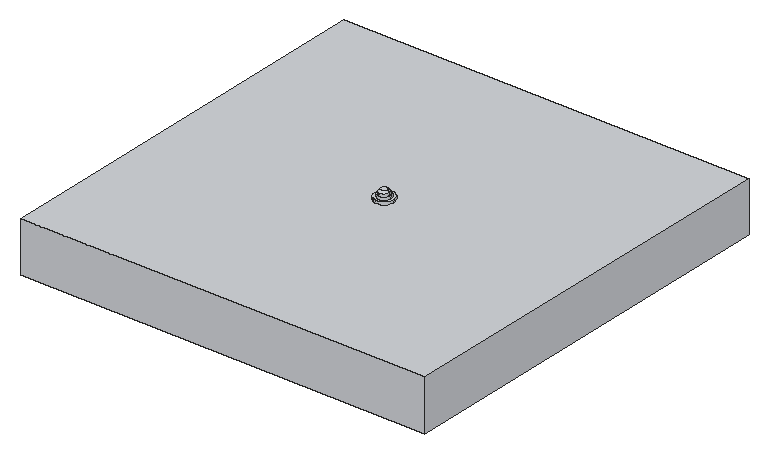
Revit family "M_Detector de calor - Tipo linha", category Dispositivos de alarme de incêndio, Revit 2019
Family settings
  Hospedeiro = Face
  Manter orientação da anotação = Não
  Cota do conector redondo = Utilizar diâmetro
  Tipo de parte = Normal
  Número OmniClass = 23.85.30.21.11.11
  Título OmniClass = Fire/Smoke Detectors
  ID de item do Seek = Heat Detector - Line Type-0000-CAN-ENU
  Corte com vazios quando carregada = Não
  Compartilhado = Não
  Ponto de cálculo do ambiente = Não
Parameters (values of type "Padrão")
  Raio 2 = 19 mm
  Raio 3 = 29 mm
  Raio 1 = 38 mm
  Raio = Diâmetro * 0.5  # 58 mm
  Diâmetro = 116 mm
  Material do detector = none
  Comprimento 3 = 13 mm
  Comprimento 2 = 13 mm
  Comprimento 1 = 13 mm
  Comprimento = 51 mm
  Elevação-padrão = 1200 mm
Reference planes
  plane 1 "Centro (Frente/Trás)": y = 0
  plane 2: z = 0
  plane 3 "Centro (Esquerda/Direita)": x = 0
  plane 4: z = 13
  plane 5: z = 51
  plane 6: z = 39
  plane 7: z = 26
Forms (mm)
  Extrusion 1, solid
    sketch origin (0, 0, 0) x (1, 0, 0) y (0, 1, 0)
      loop
        line (-1219.2, 1219.2) -> (-1219.2, -1219.2) -> (1219.2, -1219.2) -> (1219.2, 1219.2) -> (-1219.2, 1219.2)
    from 0 to -304.8
  Extrusion 2, solid, material <- "Material do detector"
    sketch origin (0, 0, 0) x (1, 0, 0) y (0, 1, 0)
      loop
        circle (0, 0) r 58
    from 0 to 13
  Extrusion 3, solid, material <- "Material do detector"
    sketch origin (0, 0, 0) x (1, 0, 0) y (0, 1, 0)
      loop
        circle (0, 0) r 38
    from 13 to 26
  Blend 4, solid, material <- "Material do detector"
    base sketch origin (0, 0, 0) x (1, 0, 0) y (0, 1, 0)
      loop
        circle (0, 0) r 29
    top sketch origin (0, 0, 0) x (1, 0, 0) y (0, 1, 0)
      loop
        circle (0, 0) r 19
    from 39 to 51
  Extrusion 5, solid, material <- "Material do detector"
    sketch origin (0, 0, 0) x (1, 0, 0) y (0, 1, 0)
      loop
        circle (0, 0) r 29
    from 26 to 39
Cuts and joins
  joined: Extrusion 2, Extrusion 3, Blend 4, Extrusion 5
Lines and regions (mm)
  symbolic lines, detail levels fine
    curve 1: arc (-58, 0, 0) -> (0, -58, 0) -> (58, 0, 0) r 58
    curve 2: arc (58, 0, 0) -> (0, 58, 0) -> (-58, 0, 0) r 58
    curve 3: arc (38, 0, 0) -> (0, 38, 0) -> (-38, 0, 0) r 38
    curve 4: arc (-38, 0, 0) -> (0, -38, 0) -> (38, 0, 0) r 38
    curve 5: arc (-29, 0, 0) -> (0, -29, 0) -> (29, 0, 0) r 29
    curve 6: arc (29, 0, 0) -> (0, 29, 0) -> (-29, 0, 0) r 29
    curve 7: arc (19, 0, 0) -> (0, 19, 0) -> (-19, 0, 0) r 19
    curve 8: arc (-19, 0, 0) -> (0, -19, 0) -> (19, 0, 0) r 19
Dimensions and locks
  "Comprimento 1": plane 4 to level
  "Comprimento": plane 5 to level
  "Comprimento 2": plane 7 to plane 4
  "Comprimento 3": plane 6 to plane 7
  "Raio": radius of Extrusion 2 sketch curve
  "Raio 1": radius of Extrusion 3 sketch curve
  "Raio 3": radius of Blend 4 sketch curve
  "Raio 2": radius of Blend 4 sketch curve
  "Raio 3": radius of Extrusion 5 sketch curve
  aligned and locked: plane 2 to Extrusion 1
  aligned and locked: level to Extrusion 1
  aligned and locked: Extrusion 2 to plane 2
  aligned and locked: plane 4 to Extrusion 2
  aligned and locked: Extrusion 3 to plane 4
  aligned and locked: plane 1 "Centro (Frente/Trás)" to Blend 4 sketch curve  (x2)
  aligned and locked: plane 3 "Centro (Esquerda/Direita)" to Blend 4 sketch curve  (x2)
  aligned and locked: plane 5 to Blend 4
  aligned and locked: Blend 4 to plane 6
  aligned and locked: Blend 4 to plane 5
  aligned and locked: plane 1 "Centro (Frente/Trás)" to Extrusion 2 sketch curve
  aligned and locked: plane 3 "Centro (Esquerda/Direita)" to Extrusion 2 sketch curve
  aligned and locked: plane 1 "Centro (Frente/Trás)" to Extrusion 3 sketch curve
  aligned and locked: plane 3 "Centro (Esquerda/Direita)" to Extrusion 3 sketch curve
  aligned and locked: plane 1 "Centro (Frente/Trás)" to Extrusion 5 sketch curve
  aligned and locked: plane 3 "Centro (Esquerda/Direita)" to Extrusion 5 sketch curve
  aligned and locked: plane 6 to Extrusion 5
  aligned and locked: plane 7 to cut or joined group of Extrusion 2, Extrusion 3, Blend 4, Extrusion 5  (x2)
  aligned and locked: cut or joined group of Extrusion 2, Extrusion 3, Blend 4, Extrusion 5 to plane 7
  aligned and locked: curve 1 to cut or joined group of Extrusion 2, Extrusion 3, Blend 4, Extrusion 5
  aligned and locked: curve 2 to cut or joined group of Extrusion 2, Extrusion 3, Blend 4, Extrusion 5
  aligned and locked: curve 3 to cut or joined group of Extrusion 2, Extrusion 3, Blend 4, Extrusion 5
  aligned and locked: curve 4 to cut or joined group of Extrusion 2, Extrusion 3, Blend 4, Extrusion 5
  aligned and locked: curve 5 to cut or joined group of Extrusion 2, Extrusion 3, Blend 4, Extrusion 5
  aligned and locked: curve 6 to cut or joined group of Extrusion 2, Extrusion 3, Blend 4, Extrusion 5
  aligned and locked: curve 7 to cut or joined group of Extrusion 2, Extrusion 3, Blend 4, Extrusion 5
  aligned and locked: curve 8 to cut or joined group of Extrusion 2, Extrusion 3, Blend 4, Extrusion 5
  aligned and locked: plane 1 "Centro (Frente/Trás)" to nested 1
  aligned and locked: plane 3 "Centro (Esquerda/Direita)" to nested 1
Automatic sketch dimensions
  Extrusion 1 sketch curve to Extrusion 1 sketch curve = 2438.4 mm  (x2)
Nested families
  nested 1: "M_Detector de calor - Anotação tipo linha" at (0, 0, 0), type "Detector de calor - Anotação do tipo linha", detail levels coarse+medium
Connectors
  electrical at (0, 0, 0)
    settings: on Extrusion 2, index 1, voltage 0 V, apparent load 0 VA, apparent load phase1 0 VA, apparent load phase2 0 VA, apparent load phase3 0 VA, power factor 1, load classification "Outros", number of poles 1, system type 11, power factor state 1, is connector primary yes, connector utility no, sub classification motor no, connector description ""
Definition of nested family "M_Detector de calor - Anotação tipo linha"
  Parameters
    Anotação de legenda = ""
  Reference planes
    plane 1: y = 0
    plane 2: x = 0
  Lines and regions (mm)
    Filled region 1, type "Região preenchida 1"
      outline origin (0, 0, 0) x (1, 0, 0) y (0, 1, 0)
        loop
          circle (0, -0.635) r 0.795
    reference lines
      curve 1: line (-15.09, 1.588, 0) -> (26.249, 1.587, 0)
      curve 3: line (-6.212, 1.27, 0) -> (8.343, 1.27, 0)
      curve 4: line (-6.967, -0.635, 0) -> (10.262, -0.635, 0)
      curve 7: line (1.588, 0, 0) -> (1.588, -5.015, 0)
      curve 8: line (4.763, 0.62, 0) -> (4.763, -5.73, 0)
    detail lines
      curve 2: circle (0, 0, 0) r 1.588 normal (0, 0, 1)
      curve 5: line (0, 1.27, 0) -> (0, 0, 0)
      curve 6: circle (0, -0.635, 0) r 0.795 normal (0, 0, 1)
      curve 9: line (1.588, 0, 0) -> (4.763, 0, 0)
      curve 10: line (4.763, 0, 0) -> (3.989, 0.297, 0)
      curve 11: line (4.763, 0, 0) -> (3.989, -0.297, 0)
  Dimensions and locks
    locked: plane 1 to curve 1 at 1.588
    locked: plane 1 to curve 3 at 1.27
    locked: curve 4 to plane 1 at 0.635
    locked: curve 7 to curve 8 at 3.175
    aligned and locked: curve 3 to curve 5
    aligned and locked: plane 1 to curve 5
    aligned and locked: curve 5 to plane 2
    aligned and locked: Filled region 1 sketch curve to curve 6
    aligned and locked: curve 8 to curve 9
    aligned and locked: curve 7 to curve 9
    aligned and locked: plane 1 to curve 9
